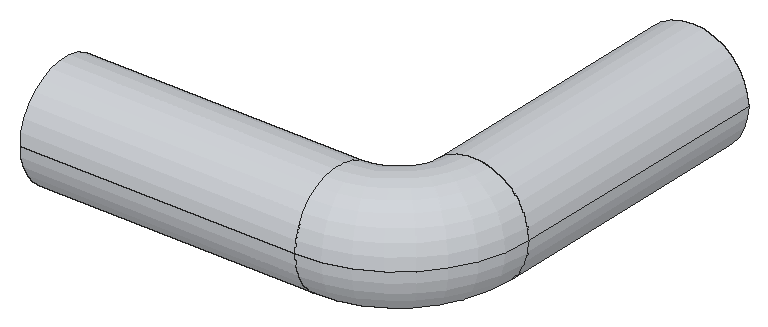
Revit family "M_電線管エルボ - 鉄鋼 - Arent", category Conduit Fittings, Revit 2021
Family settings
  Round Connector Dimension = Use Radius
  Part Type = Elbow
  OmniClass Number = 23.80.30.17.11
  OmniClass Title = Conduits
  Work Plane-Based = No
  Always vertical = Yes
  Cut with Voids When Loaded = No
  Shared = No
Parameters (values of type "Arent-標準")
  呼び半径 [instance] = 8 mm
  呼び径 [instance] = 呼び半径 * 2  # 16 mm
  継手外側半径 [instance] = 継手外径 / 2  # 8.966 mm
  継手外径 [instance] = size_lookup(電線管サイズの固定, "FOD", 1.11 * 呼び径 + 2.282 mm, 呼び径)  # 17.932 mm
  built-in parameter 1154647 = 0 mm
  電線管サイズの固定 = "M_Conduit Elbow - Steel"
  電線管長さ [instance] = size_lookup(電線管サイズの固定, "CLgt", 1.25 * 呼び径 + 34.826 mm, 呼び径)  # 44.45 mm
  中心から終端 [instance] = 曲げ半径ラベル * tan(角度 / 2) + 電線管長さ  # 56.591 mm
  Default Elevation [instance] = 1 mm  # constant formula
  曲げ半径ラベル [instance] = if(Default Elevation > 継手外側半径 + 3.175 mm, Default Elevation, 継手外側半径 + 3.175 mm)  # 12.141 mm
  角度 [instance] = 90.00°
Reference planes
  plane 1 "中心(正面/背面)": y = 0
  plane 2: z = 0
  plane 3 "中心(左/右)": x = 0
  plane 4: x = -56.591
  plane 5: x = -12.141
  plane 6: y = 12.141
Forms (mm)
  Sweep 1, solid, detail levels fine
    path in 3D
      loop
        line (-56.591, 0, 0) -> (-12.141, 0, 0)
        arc (-12.141, 0, 0) -> (-3.556, 3.556, 0) -> (0, 12.141, 0) r 12.141
        line (0, 12.141, 0) -> (0, 56.591, 0)
    profile origin (-34.366, 0, 0) x (0, 1, 0) y (0, 0, 1)
      loop
        circle (0, 0) r 8.966
Lines and regions (mm)
  model lines, detail levels coarse+medium
    curve 1: arc (-12.141, 0, 0) -> (-3.556, 3.556, 0) -> (0, 12.141, 0) r 12.141
    curve 2: line (-56.591, 0, 0) -> (-12.141, 0, 0)
    curve 3: line (0, 12.141, 0) -> (0, 56.591, 0)
  sketch lines
    curve 4: line (-56.591, 0, 0) -> (-12.141, 0, 0)
    curve 5: arc (-12.141, 0, 0) -> (-3.556, 3.556, 0) -> (0, 12.141, 0) r 12.141
    curve 6: line (0, 12.141, 0) -> (0, 56.591, 0)
Dimensions and locks
  "中心から終端": plane 4 to plane 3 "中心(左/右)"
  "電線管長さ": plane 4 to plane 5
  "曲げ半径ラベル": plane 6 to plane 1 "中心(正面/背面)"
  "電線管長さ": curve 3 to curve 3
  "曲げ半径ラベル": radius of curve 1
  "継手外側半径": radius of Sweep 1 sketch curve
  "角度": angle curve 1 to curve 1
  "角度": angle plane 1 "中心(正面/背面)" to curve 3
  aligned and locked: plane 6 to curve 1
  aligned and locked: plane 5 to curve 1
  aligned and locked: plane 4 to curve 2
  aligned and locked: plane 5 to curve 2
  aligned and locked: plane 1 "中心(正面/背面)" to curve 2
Automatic sketch dimensions
  Sweep 1 sketch curve to profile plane = 0 mm  (x2)
Connectors
  cabletrayconduit at (-56.591, 0, 0), diameter 16, driven by "呼び半径", driven by "角度"
    settings: on Sweep 1, index 1, connector width 304.8 mm, connector height 304.8 mm, connector angle 90.00°, system type 32, placement type 0, profile type 0, connector reference index 2, is primary connector yes, connector utility param no, connector description ""
  cabletrayconduit at (0, 56.591, 0), diameter 16, driven by "呼び半径", driven by "角度"
    settings: on Sweep 1, index 2, connector width 304.8 mm, connector height 304.8 mm, connector angle 90.00°, system type 32, placement type 0, profile type 0, connector reference index 1, is primary connector no, connector utility param no, connector description ""
